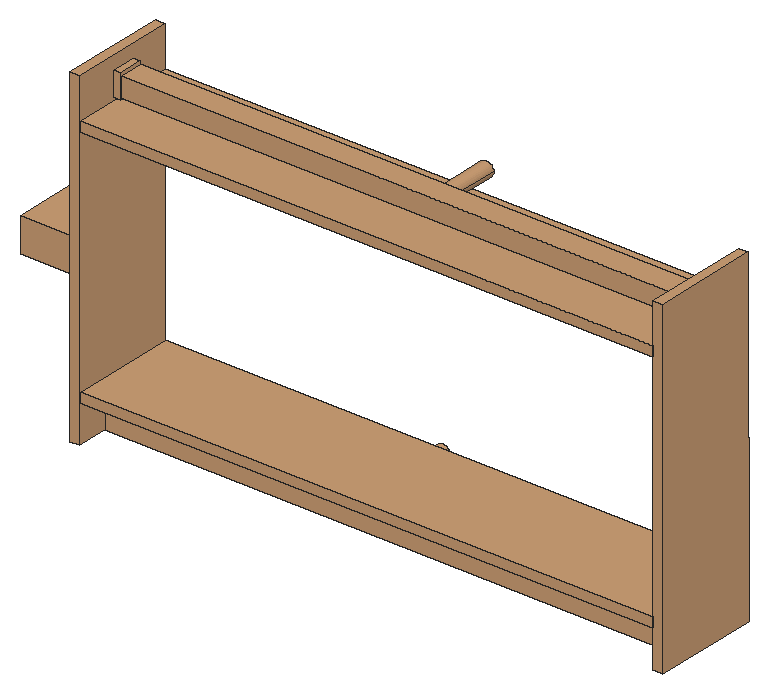
Revit family
Parameters
  Center Of Unit = 0' - 0"  # constant formula
  Water Pressure Drop [instance] = 0.00 psi
  Water Flow [instance] = 0 GPM
  Unit Weight (lbs) = 1021
  URL = "http://www.ljwing.com/"
  Water Outlet Radius = 0' - 1 1/2"
  Water Outlet Odd sizes = 0' - 5 23/64"
  Total Heating Capacity [instance] = 0.0 Btu/h
  Temperature Rise [instance] = 0 °F
  Series = "VIFB"
  Outlet Area = 39.30 SF
  Number of Rows = 1  # constant formula
  Number of Coils [instance] = 0
  Nominal Length = 10' - 1 29/32"
  Model = "VC-11"
  Manufacturer = "LJ Wing"
  Leaving Water Temperature [instance] = 0 °F
  Leaving Air Temperature [instance] = 0 °F
  Face Velocity (FPM) [instance] = 0
  Entering Water Temperature [instance] = 0 °F
  Entering Air Temperature [instance] = 0 °F
  Description = "Vertical Integral Face & Bypass Water Heating Coils"
  Hot Water Odd Sizes = 0' - 5 23/64"
  Hot Water Inlet Offset = 0' - 4 3/8"  # constant formula
  Hot Water Inlet  Radius = 0' - 1 1/2"
  Coil Face Area = Outlet Area * 0.56  # 22.008 SF
  Casing Material = ""
  Assembly Code = "D3020300"
  Air Pressure Drop [instance] = 0.00 in-wg
  Air Inlet Width = Nominal Length - 0' 4"  # 9' - 9 29/32"
  Air Inlet Height = Y  # 4' - 0"
  Air Flow [instance] = 0 CFM
  Z = 0' - 2 1/8"
  Y = 4' - 0"
  S = 0' - 9 3/4"
  Product URL = "http://www.ljwing.com/html/vifb.asp"
  OmniClass = "23-75 70 21 14"
  Nominal Height = 5' - 8"
  Nominal Depth = 1' - 10"
  R = 0' - 10 1/4"
  Q = 0' - 3 61/64"
  P = 0' - 5 1/8"
  L = 0' - 5 15/16"
Reference planes (in)
  plane 1 "Center (Front/Back)": y = 0
  plane 2: z = -24
  plane 3 "Center (Left/Right)": x = 0
  plane 4: z = 34.25
  plane 5: x = -60.95312
  plane 6: x = 60.95313
  plane 7: z = -33.75
  plane 8: z = 0
  plane 9: y = -11
  plane 10: y = 11
  plane 11: z = 24
  plane 12: z = 26
  plane 13: z = -26
  plane 14: x = 58.95313
  plane 15: x = -58.95313
  plane 16: z = 29.125
  plane 17: z = -27.8125
  plane 18: x = -57
  plane 19: x = 57
  plane 20: y = 13.125
  plane 21: y = 15.375
  plane 22: x = -71.95313
  plane 23: x = 5.35938
  plane 24: x = -5.35937
  plane 25: z = 31.125
  plane 26: z = 27.125
  plane 27: y = -2.5
  plane 28: y = 2.5
  plane 29: y = -4.5
Forms (in)
  Extrusion 1, solid, material "Painted Finish"
    sketch origin (0, 6, -9.75) x (1, 0, 0) y (0, 0, 1)
      loop
        line (-60.95312, -24) -> (-58.95313, -24) -> (-58.95313, 44) -> (-60.95312, 44) -> (-60.95312, -24)
      loop
        line (60.95313, -24) -> (60.95313, 44) -> (58.95313, 44) -> (58.95313, -24) -> (60.95313, -24)
    from -5 to 17
  Extrusion 2, solid, material "Painted Finish"
    sketch origin (0, 6, 0) x (1, 0, 0) y (0, 0, 1)
      loop
        line (58.95313, -24) -> (-58.95313, -24) -> (-58.95313, -26) -> (58.95313, -26) -> (58.95313, -24)
      loop
        line (58.95313, 24) -> (58.95313, 26) -> (-58.95313, 26) -> (-58.95313, 24) -> (58.95313, 24)
    from -5 to 17
  Extrusion 3, solid, material "Painted Finish"
    sketch origin (0, 10, -0.5) x (1, 0, 0) y (0, 0, 1)
      loop
        line (-60.95312, 4) -> (-71.95313, 4) -> (-71.95313, -3) -> (-60.95312, -3) -> (-60.95312, 4)
    from 0 to 20
  Extrusion 4, solid, material "Painted Finish"
    sketch origin (0, 6, 0) x (1, 0, 0) y (0, 0, 1)
      loop
        line (-57.32813, 31.125) -> (-57.32813, 27.125) -> (57.32813, 27.125) -> (57.32813, 31.125) -> (-57.32813, 31.125)
    from 3.5 to 8.5
  Extrusion 5, solid, material "Painted Finish"
    sketch origin (0, 0, 0) x (1, 0, 0) y (0, 0, 1)
      loop
        line (-57.32813, 26.625) -> (-57.32813, 31.625) -> (-58.95313, 31.625) -> (-58.95313, 26.625) -> (-57.32813, 26.625)
      loop
        line (58.95313, 26.625) -> (58.95313, 31.625) -> (57.32813, 31.625) -> (57.32813, 26.625) -> (58.95313, 26.625)
    from -2.5 to 2.5
  Extrusion 6, solid, material "Painted Finish"
    sketch origin (0, 23, 0) x (1, 0, 0) y (0, 0, 1)
      loop
        circle (5.35938, 29.125) r 1.5
    from 9.875 to 20.5
  Extrusion 7, solid, material "Painted Finish"
    sketch origin (0, 6, 0) x (1, 0, 0) y (0, 0, 1)
      loop
        line (-58.95313, -26) -> (-58.95313, -33.75) -> (58.95313, -33.75) -> (58.95313, -26) -> (-58.95313, -26)
    from -5 to 10.5
  Extrusion 8, solid, material "Painted Finish"
    sketch origin (0, 23, 0) x (1, 0, 0) y (0, 0, 1)
      loop
        circle (-5.35937, -27.8125) r 1.5
    from 7.625 to 12
  Extrusion 9, void
    sketch origin (0, 0, 0) x (1, 0, 0) y (0, 0, 1)
      loop
        line (-58.95313, 24) -> (-58.95313, -24) -> (58.95313, -24) -> (58.95313, 24) -> (-58.95313, 24)
    from -11 to 11
Cuts and joins
  Extrusion 9 cuts Extrusion 1
  Extrusion 9 cuts Extrusion 2
Dimensions and locks (in)
  "Nominal Length": plane 6 to plane 5
  equal spacing: plane 6, plane 3 "Center (Left/Right)", plane 5
  "S": plane 2 to plane 7
  "Nominal Depth": plane 10 to plane 9
  equal spacing: plane 10, plane 1 "Center (Front/Back)", plane 9
  "Y": plane 11 to plane 2
  "R": plane 4 to plane 11
  locked: plane 12 to plane 11 at 2
  locked: plane 2 to plane 13 at 2
  "P": plane 4 to plane 16
  "L": plane 17 to plane 7
  "Q": plane 18 to plane 5
  "Q": plane 6 to plane 19
  "Z": plane 20 to plane 10
  "Hot Water Inlet Offset": plane 21 to plane 10
  locked: plane 5 to plane 22 at 11
  locked: Extrusion 3 sketch curve to Extrusion 3 sketch curve at 7
  locked: Extrusion 3 to Extrusion 3 at 20
  locked: plane 6 to plane 14 at 2
  locked: plane 15 to plane 5 at 2
  "Water Outlet Odd sizes": plane 23 to plane 3 "Center (Left/Right)"
  "Hot Water Odd Sizes": plane 3 "Center (Left/Right)" to plane 24
  equal spacing: plane 25, plane 16, plane 26
  locked: Extrusion 5 sketch curve to plane 25 at 0.5
  locked: plane 26 to Extrusion 5 sketch curve at 0.5
  locked: Extrusion 6 sketch curve to plane 16 at 0
  locked: Extrusion 6 sketch curve to plane 23 at 0
  locked: Extrusion 8 sketch curve to plane 17 at 0
  locked: Extrusion 8 sketch curve to plane 24 at 0
  locked: plane 25 to plane 26 at 4
  locked: plane 28 to plane 27 at 5
  equal spacing: plane 28, plane 1 "Center (Front/Back)", plane 27
  locked: plane 27 to plane 29 at 2
  plane 4 to plane 7 = 5' - 8"
  locked: Extrusion 5 sketch curve to Extrusion 1 at 1.625
  locked: Extrusion 5 sketch curve to Extrusion 5 sketch curve at 1.625
  locked: Extrusion 9 sketch curve to plane 11 at 0
  locked: Extrusion 9 sketch curve to plane 15 at 0
  locked: Extrusion 9 sketch curve to plane 14 at 0
  locked: Extrusion 9 sketch curve to plane 2 at 0
  equal spacing: plane 11, plane 8, plane 2
  "Water Outlet Radius": radius of Extrusion 6 sketch curve
  "Hot Water Inlet  Radius": radius of Extrusion 8 sketch curve
  aligned and locked: Extrusion 1 to plane 9
  aligned and locked: Extrusion 1 to plane 10
  aligned and locked: plane 15 to Extrusion 1
  aligned and locked: Extrusion 1 to plane 14
  aligned and locked: Extrusion 2 to plane 9
  aligned and locked: plane 9 to Extrusion 1
  aligned and locked: plane 10 to Extrusion 1  (x2)
  aligned and locked: Extrusion 2 to plane 10
  aligned and locked: plane 10 to Extrusion 2  (x2)
  aligned and locked: plane 9 to Extrusion 2  (x2)
  aligned and locked: plane 5 to Extrusion 3
  aligned and locked: Extrusion 5 sketch curve to plane 15
  aligned and locked: Extrusion 5 sketch curve to Extrusion 4
  aligned and locked: Extrusion 6 to plane 20
  aligned and locked: Extrusion 1 to Extrusion 7
  aligned and locked: Extrusion 8 to plane 10
  aligned and locked: plane 21 to Extrusion 8
  aligned and locked: plane 27 to Extrusion 5
  aligned and locked: Extrusion 5 to Extrusion 4  (x2)
  aligned and locked: Extrusion 5 to plane 28
  aligned and locked: Extrusion 6 to Extrusion 4
  aligned and locked: Extrusion 7 to plane 29  (x2)
  aligned and locked: Extrusion 8 to Extrusion 7
  aligned and locked: Extrusion 4 to Extrusion 5  (x2)
  aligned and locked: Extrusion 5 to Extrusion 1  (x2)
  aligned and locked: plane 2 to Extrusion 2
  aligned and locked: plane 6 to Extrusion 1 sketch curve
  aligned and locked: plane 14 to Extrusion 1 sketch curve
  aligned and locked: Extrusion 1 sketch curve to plane 15
  aligned and locked: Extrusion 1 sketch curve to plane 5
  aligned and locked: plane 7 to Extrusion 1 sketch curve
  aligned and locked: Extrusion 1 sketch curve to plane 7
  aligned and locked: Extrusion 1 sketch curve to plane 4  (x2)
  aligned and locked: Extrusion 2 sketch curve to plane 11
  aligned and locked: Extrusion 2 sketch curve to plane 12
  aligned and locked: Extrusion 2 sketch curve to plane 14  (x2)
  aligned and locked: Extrusion 2 sketch curve to plane 15  (x2)
  aligned and locked: Extrusion 2 sketch curve to plane 13
  aligned and locked: plane 2 to Extrusion 2 sketch curve
  aligned and locked: plane 13 to Extrusion 7 sketch curve
  aligned and locked: Extrusion 7 sketch curve to plane 7
  aligned and locked: Extrusion 7 sketch curve to plane 14
  aligned and locked: plane 15 to Extrusion 7 sketch curve
  aligned and locked: cut or joined group of Extrusion 1, Extrusion 9 to plane 10
  aligned and locked: Extrusion 8 to plane 21
Automatic sketch dimensions
  Extrusion 3 sketch curve to plane 22 = 0' - 0"
  Extrusion 3 sketch curve to plane 5 = 0' - 0"
  plane 8 to Extrusion 3 sketch curve = 0' - 3 1/2"
  Extrusion 4 sketch curve to plane 25 = 0' - 0"
  Extrusion 4 sketch curve to plane 26 = 0' - 0"
  Extrusion 4 sketch curve to plane 18 = 0' - 0 21/64"
  plane 19 to Extrusion 4 sketch curve = 0' - 0 21/64"
  plane 26 to Extrusion 5 sketch curve = 0' - 0 1/2"
  Extrusion 5 sketch curve to plane 25 = 0' - 0 1/2"
Connectors (in)
  hvac at (0, -11, 0), driven by "Air Inlet Height", driven by "Air Inlet Width", driven by "Air Flow", driven by "Air Pressure Drop"
    settings: on Extrusion 9, index 1
  hvac at (0, 11, 0), driven by "Air Pressure Drop", driven by "Air Inlet Height", driven by "Air Inlet Width", driven by "Air Flow"
    settings: on Extrusion 9, index 2
  piping at (5.35938, 13.125, 29.125), driven by "Water Flow", driven by "Water Outlet Radius", driven by "Water Pressure Drop"
    settings: on Extrusion 6, index 3
  piping at (-5.35937, 15.375, -27.8125), driven by "Water Flow", driven by "Water Pressure Drop", driven by "Hot Water Inlet  Radius"
    settings: on Extrusion 8, index 4
